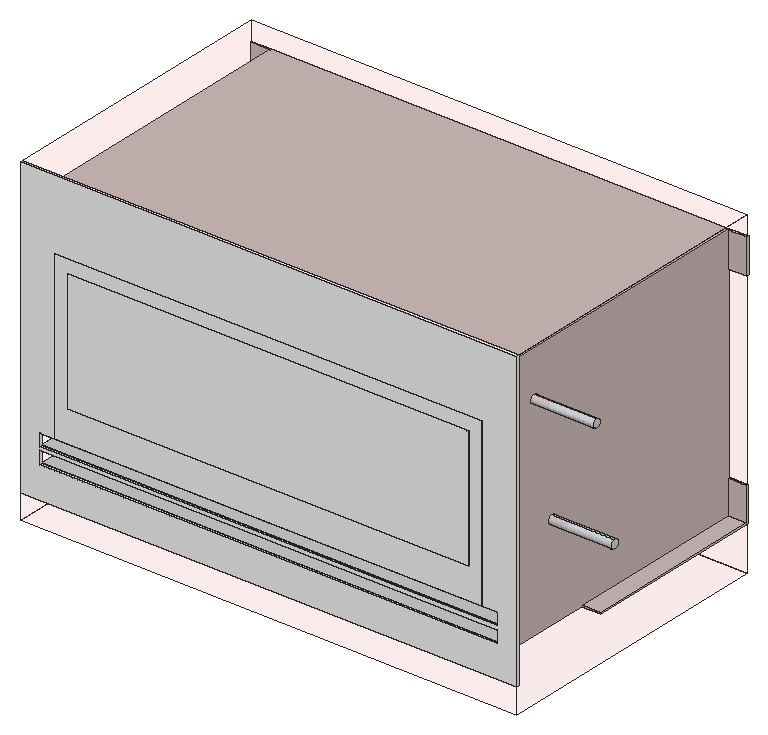
Revit family "Air-Curtain_Customer-Entry_PoweredAire_ECC-ST", category Mechanical Equipment, host Face, Revit 2024
Family settings
  Host = Face
  Round Connector Dimension = Use Diameter
  Part Type = Normal
  OmniClass Number = 23.75.35.17.21
  OmniClass Title = Air Curtains
  Cut with Voids When Loaded = No
  Maintain Annotation Orientation = No
  Shared = No
  Room Calculation Point = No
Parameters
  upperpiperotation [instance] = if(Upper Pipe Connection Side A, 0.00°, 180.00°)  # 0.00°
  lowerpiperotation [instance] = if(Lower Pipe Connection Side A, 0.00°, 180.00°)  # 0.00°
  locateupperpipe [instance] = if(Upper Pipe Connection Side A, 0' 0", Nozzle Width)  # 0' - 0"
  locatelowerpipe [instance] = if(Lower Pipe Connection Side A, 0' 0", Nozzle Width)  # 0' - 0"
  Warranty Duration (Years) = 0
  Upper Pipe Connection Side A [instance] = yes
  Unit Width Notes = "Other Widths available."  # constant formula
  Unit Width = 3' - 3"
  Unit Weight = 0
  Unit Height = 1' - 10 3/4"
  Unit Depth = 1' - 11 1/4"
  URL = "http://www.poweredaire.com/"
  Test Data = ""
  Standards Conformance = "as Specified"
  Specification = "http://www.arcat.com/sdspecs/htm04/23_34_33pai.htm"
  SpecWizard = ""
  Sound Pressure = "as Specified"
  Sales Information = "http://www.poweredaire.com/contact_us"
  Revision = "R1_2016-08"
  Projection from Host [instance] = 0' - 2"
  Product Properties = ""
  Product Data = "http://www.arcat.com/arcatcos/cos47/arc47623.html"
  Power Rating = 0 W
  Piping_Water Flow [instance] = 0 GPM
  Piping_Operating Pressure [instance] = 0.00 psi
  Piping_Exit Temperature [instance] = 0 °F
  Piping_Entry Temperature [instance] = 0 °F
  Pipe OD [instance] = 5/8"
  Nozzle Width = if(1 = 1, Unit Width - 0' 3", 0' 0")  # 3' - 0"
  Mounting Width = if(1 = 1, Unit Width - 0' 1 1/2", 0' 0")  # 3' - 1 1/2"
  Mounting Height [instance] = 3' - 6"
  Motor RPM = 0
  Motor HP = 0
  Motor Count = 0
  Model = "As Specified"
  Max Height = 0' - 0"
  Manufacturer Website = "http://www.poweredaire.com/"
  Manufacturer Phone - Toll Free = "888-321-2473"
  Manufacturer Phone = "724-588-3305"
  Manufacturer Fax = "724-588-3371"
  Manufacturer Address = "109 Mortensen Rd.  Greenville, PA 16125"
  Manufacturer = "Powered Aire, Inc"
  Maintenance Schedule (Months) = 0
  Lower Pipe Connection Side A [instance] = yes
  Keynote = "23 34 33"
  Installation-Fabrication = ""
  Installation Phase = ""
  Include Clearance [instance] = yes
  Heating Element Load = 0 W
  HVAC_Temperature Rise = 0 °F
  HVAC_Outlet Volume = 0 CFM
  HVAC_Outlet Velocity Uniformity = 0
  HVAC_Outlet Velocity = 0 FPM
  HVAC_BTU Input = 0.0 Btu/h
  Green Building-LEED = "http://www.arcat.com/green/clients/leed_data_47623.html"
  Front Grating Material [instance] = Metal - Steel - PoweredAire - White Perforated
  Frame Finish [instance] = Metal - Steel - PoweredAire - Stainless 304
  Expected Lifespan (Years) = 0
  Electrical_Wattage [instance] = Power Rating + Heating Element Load  # 0 W
  Electrical_Voltage [instance] = 0 V
  Electrical_Phase [instance] = 1
  Electrical_Frequency [instance] = 0 Hz
  Electrical_Amperage [instance] = 0 A
  Drawn By = "Sumex Design, Inc. / Robert S. Weygant, CSI, CDT, SCIP"
  Description = "Powered Aire Air Curtain as Specified"
  Default Elevation = 0' - 0"  # constant formula
  Cover Finish [instance] = Metal - Steel - PoweredAire - White
  Copyright = "©Arcat Inc."
  Construction Details = "http://www.arcat.com/details/powair/prod3336.html"
  Clearance_Top [instance] = 0' - 0"
  Clearance_Side B [instance] = 0' - 0"
  Clearance_Side A [instance] = 0' - 0"
  Clearance_Intake [instance] = 0' - 0"
  Clearance_Front [instance] = 0' - 0"
  Clearance Material [instance] = ARCAT Clearance
  Building Codes = ""
  Available Options [instance] = "as Specified"
  Assembly Code = "D3090400"
Reference planes (in)
  plane 1 "Center (Elevation)": y = 11.51318
  plane 2: z = 0
  plane 3 "Center (Left/Right)": x = 0
  plane 4: y = 22.88818
  plane 5: y = 0.13818
  plane 6: x = -19.5
  plane 7: x = 19.5
  plane 8: z = 25.25
  plane 9 "FF": y = -41.86182
  plane 10: z = 2
  plane 11: x = 18
  plane 12: x = -18
  plane 13: y = 22.88818
  plane 14: y = 0.13818
  plane 15: x = -19.5
  plane 16: x = 19.5
  plane 17: z = 25.25
  plane 18: y = 0.38818
  plane 19: x = 18
  plane 20: x = 18
  plane 21: z = 20.25
  plane 22: z = 11
Forms (in)
  Extrusion 1, solid, material "ARCAT Clearance" <- "Clearance Material", visible <- "Include Clearance"
    sketch origin (0, 0, 0) x (0, 1, 0) y (0, 0, 1)
      loop
        line (0.13818, 25.25) -> (0.13818, 0) -> (22.88818, 0) -> (22.88818, 25.25) -> (0.13818, 25.25)
    from -19.5 to 19.5
  Extrusion 2, solid, material "Metal - Steel - PoweredAire - White" <- "Cover Finish"
    sketch origin (0, 11.51318, 0) x (1, 0, 0) y (0, 0, 1)
      loop
        line (-19.5, 25.25) -> (-19.5, 2) -> (19.5, 2) -> (19.5, 25.25) -> (-19.5, 25.25)
    from 11.125 to 11.375
  Extrusion 3, solid, material "Metal - Steel - PoweredAire - Stainless 304" <- "Frame Finish"
    sketch origin (0, 11.51318, 0) x (1, 0, 0) y (0, 0, 1)
      loop
        line (18, 23.75) -> (-18, 23.75) -> (-18, 3.5) -> (18, 3.5) -> (18, 23.75)
    from -11.375 to 11.125
  Extrusion 4, void
    sketch origin (0, 0, 0) x (0, 1, 0) y (0, 0, 1)
      loop
        line (0.13818, 5.5) -> (0.13818, 4.5) -> (1.88818, 4.5) -> (1.88818, 6.75) -> (0.13818, 6.75) -> (0.13818, 5.75) -> (1.63818, 5.75) -> (1.63818, 5.5) -> (0.13818, 5.5)
    from -18 to 18
  Extrusion 5, solid, material "Metal - Steel - PoweredAire - White" <- "Cover Finish"
    sketch origin (-11.83813, 0.13818, 48) x (-1, 0, 0) y (0, 0, 1)
      loop
        line (4.91187, -41.25) -> (4.91187, -28.25) -> (-28.58813, -28.25) -> (-28.58813, -41.25) -> (4.91187, -41.25)
    from 0 to -0.03125
  Extrusion 6, solid, material "Metal - Steel - PoweredAire - White Perforated" <- "Front Grating Material"
    sketch origin (-11.83813, 0.10693, 48) x (1, 0, 0) y (0, 0, 1)
      loop
        line (-3.91187, -29.25) -> (-3.91187, -38.75) -> (27.58813, -38.75) -> (27.58813, -29.25) -> (-3.91187, -29.25)
    from 0 to 0.03125
  Extrusion 7, solid, material "Metal - Steel - PoweredAire - Stainless 304" <- "Frame Finish"
    sketch origin (-15.17702, -180, 2) x (-1, 0, 0) y (0, -1, 0)
      loop
        line (-33.17702, -202.88818) -> (-33.17702, -188.38818) -> (-34.67702, -188.38818) -> (-34.67702, -202.88818) -> (-33.17702, -202.88818)
      loop
        line (2.82298, -202.88818) -> (4.32298, -202.88818) -> (4.32298, -188.38818) -> (2.82298, -188.38818) -> (2.82298, -202.88818)
    from 1.5 to 1.625
  Extrusion 8, solid, material "Metal - Steel - PoweredAire - Stainless 304" <- "Frame Finish"
    sketch origin (-11.83813, 22.88818, 48) x (-1, 0, 0) y (0, 0, 1)
      loop
        line (7.66187, -44.5) -> (7.66187, -41.75) -> (6.16187, -41.75) -> (6.16187, -44.5) -> (7.66187, -44.5)
      loop
        line (-31.33813, -44.5) -> (-29.83813, -44.5) -> (-29.83813, -41.75) -> (-31.33813, -41.75) -> (-31.33813, -44.5)
      loop
        line (7.66187, -27) -> (7.66187, -24.25) -> (6.16187, -24.25) -> (6.16187, -27) -> (7.66187, -27)
      loop
        line (-31.33813, -27) -> (-29.83813, -27) -> (-29.83813, -24.25) -> (-31.33813, -24.25) -> (-31.33813, -27)
    from 0 to -0.125
  Sweep 9, solid
    path origin (18, 11.51318, 20.25) x (1, 0, 0) y (0, 0, 1)
      loop
        line (0, 0) -> (5, 0)
    profile origin (20.5, 11.51318, 20.25) x (0, 0, 1) y (0, -1, 0)
      loop
        circle (0, 7.875) r 0.3125
  Sweep 10, solid
    path origin (18, 11.51318, 11) x (1, 0, 0) y (0, 0, 1)
      loop
        line (0, 0) -> (5, 0)
    profile origin (20.5, 11.51318, 11) x (0, 0, 1) y (0, -1, 0)
      loop
        circle (0, 6.125) r 0.3125
Cuts and joins
  Extrusion 4 cuts Extrusion 1
  Extrusion 4 cuts Extrusion 2
  Extrusion 4 cuts Extrusion 3
Lines and regions (in)
  reference lines
    curve 1: line (18, 11.51318, 20.25) -> (25.75, 11.51318, 20.25)
    curve 2: line (18, 11.51318, 11) -> (26.25, 11.51318, 11)
Dimensions and locks (in)
  equal spacing: plane 4, plane 1 "Center (Elevation)", plane 5
  "Unit Height": plane 4 to plane 5
  equal spacing: plane 6, plane 3 "Center (Left/Right)", plane 7
  "Unit Width": plane 6 to plane 7
  "Mounting Height": plane 5 to plane 9 "FF"
  "Projection from Host": plane 10 to level
  "Unit Depth": plane 8 to plane 10
  locked: plane 6 to plane 12 at 1.5
  locked: plane 11 to plane 7 at 1.5
  "Clearance_Side A": plane 7 to plane 16
  "Clearance_Side B": plane 15 to plane 6
  "Clearance_Top": plane 13 to plane 4
  "Clearance_Intake": plane 5 to plane 14
  "Clearance_Front": plane 17 to plane 8
  locked: plane 8 to Extrusion 3 sketch curve at 1.5
  locked: Extrusion 3 sketch curve to plane 10 at 1.5
  locked: plane 7 to Extrusion 3 sketch curve at 1.5
  locked: Extrusion 3 sketch curve to plane 6 at 1.5
  locked: plane 18 to plane 5 at 0.25
  Extrusion 4 sketch curve to Extrusion 4 sketch curve to Extrusion 4 sketch curve to Extrusion 4 sketch curve to plane 10 = 0' - 1" locked, 0' - 0 1/4" locked, 0' - 1" locked, 0' - 2 1/2" locked
  Extrusion 5 sketch curve to Extrusion 5 sketch curve to plane 10 = 1' - 1" locked, 0' - 4 3/4" locked
  locked: plane 11 to Extrusion 5 sketch curve at 1.25
  locked: Extrusion 5 sketch curve to plane 12 at 1.25
  Extrusion 6 sketch curve to Extrusion 6 sketch curve to plane 10 = 0' - 9 1/2" locked, 0' - 7 1/4" locked
  locked: Extrusion 6 sketch curve to plane 12 at 2.25
  locked: plane 11 to Extrusion 6 sketch curve at 2.25
  locked: plane 4 to Extrusion 7 sketch curve at 14.5  (x2)
  Extrusion 8 sketch curve to Extrusion 8 sketch curve to Extrusion 8 sketch curve to Extrusion 8 sketch curve to plane 10 = 0' - 2 3/4" locked, 1' - 2 3/4" locked, 0' - 2 3/4" locked, 0' - 1 1/2" locked  (x2)
  "locatelowerpipe": plane 19 to plane 11
  "locateupperpipe": plane 20 to plane 11
  locked: plane 8 to plane 21 at 5
  locked: plane 22 to plane 10 at 9
  locked: curve 1 to Sweep 9 sketch curve at 5
  locked: curve 1 to Sweep 9 sketch curve
  locked: curve 2 to Sweep 10 sketch curve at 5
  locked: curve 2 to Sweep 10 sketch curve
  locked: plane 5 to Sweep 9 sketch curve at 3.5
  locked: plane 5 to Sweep 10 sketch curve at 5.25
  "lowerpiperotation": angle plane 21 to curve 1
  "upperpiperotation": angle plane 22 to curve 2
  aligned and locked: plane 2 to host face
  aligned and locked: level to host face
  aligned and locked: Extrusion 1 sketch curve to plane 17
  aligned and locked: plane 14 to Extrusion 1 sketch curve
  aligned and locked: level to Extrusion 1 sketch curve
  aligned and locked: Extrusion 1 sketch curve to plane 13
  aligned and locked: plane 16 to Extrusion 1
  aligned and locked: Extrusion 1 to plane 15
  aligned and locked: Extrusion 2 sketch curve to plane 8
  aligned and locked: plane 6 to Extrusion 2 sketch curve
  aligned and locked: Extrusion 2 sketch curve to plane 10
  aligned and locked: Extrusion 2 sketch curve to plane 7
  aligned and locked: Extrusion 3 to plane 4
  aligned and locked: Extrusion 3 to plane 18
  aligned and locked: Extrusion 2 to plane 18
  aligned and locked: Extrusion 2 to plane 5
  aligned and locked: plane 11 to Extrusion 4
  aligned and locked: Extrusion 4 to plane 12
  aligned and locked: Extrusion 7 sketch curve to plane 4  (x2)
  aligned and locked: plane 20 to curve 2
  aligned and locked: plane 22 to curve 2
  aligned and locked: plane 19 to curve 1
  aligned and locked: plane 21 to curve 1
Automatic sketch dimensions
  host sketch curve to host sketch curve = 8' - 0"  (x2)
  Extrusion 4 sketch curve to plane 5 = 0' - 0"  (x2)
  plane 18 to Extrusion 4 sketch curve = 0' - 1 1/4"
  Extrusion 4 sketch curve to Extrusion 4 sketch curve = 0' - 0 1/4"
  Extrusion 7 sketch curve to plane 7 = 0' - 0"
  Extrusion 7 sketch curve to plane 11 = 0' - 0"
  Extrusion 7 sketch curve to plane 12 = 0' - 0"
  Extrusion 7 sketch curve to plane 6 = 0' - 0"
  Extrusion 8 sketch curve to plane 7 = 0' - 0"  (x2)
  Extrusion 8 sketch curve to plane 11 = 0' - 0"  (x2)
  Extrusion 8 sketch curve to plane 12 = 0' - 0"  (x2)
  Extrusion 8 sketch curve to plane 6 = 0' - 0"  (x2)
  profile plane to Sweep 9 sketch curve = 0' - 0"
  profile plane to Sweep 10 sketch curve = 0' - 0"
  radius of Sweep 9 sketch curve = 0' - 0 5/16"
  radius of Sweep 10 sketch curve = 0' - 0 5/16"
Connectors (in)
  electrical at (-18, 6.38818, 9.625), driven by "Electrical_Voltage", driven by "Electrical_Phase"
    settings: on cut or joined group of Extrusion 3, Extrusion 4, index 1, voltage 0 V, apparent load 0 VA, apparent load phase1 0 VA, apparent load phase2 0 VA, apparent load phase3 0 VA, power factor 1, load classification "Other", number of poles 1, system type 31, power factor state 1, is connector primary yes, connector utility no, sub classification motor no, connector description ""
  piping at (23, 3.63818, 20.25), diameter 0.625, driven by "Pipe OD"
    settings: on Sweep 9, index 2, connector inside diameter 24", connector length 0' - 0", flow factor 0, pipe flow 0 GPM, pressure drop 0.00 psi, fitting loss kfactor 0, connector angle 0.00°, fixture units 0, engagement length 0' - 0", angle of deflection 0.00°, flow configuration 0, flow direction 0, fitting loss method 0, system type 29, joint type 0, gender type 0, connector reference index -1, connector utility 0, adjustable connector no, is connector primary no, connector description "Define Supply or Return and Location"
  piping at (23, 5.38818, 11), diameter 0.625, driven by "Pipe OD"
    settings: on Sweep 10, index 3, connector inside diameter 24", connector length 0' - 0", flow factor 0, pipe flow 0 GPM, pressure drop 0.00 psi, fitting loss kfactor 0, connector angle 0.00°, fixture units 0, engagement length 0' - 0", angle of deflection 0.00°, flow configuration 0, flow direction 0, fitting loss method 0, system type 29, joint type 0, gender type 0, connector reference index -1, connector utility 0, adjustable connector no, is connector primary yes, connector description "Define Supply or Return and Location"
